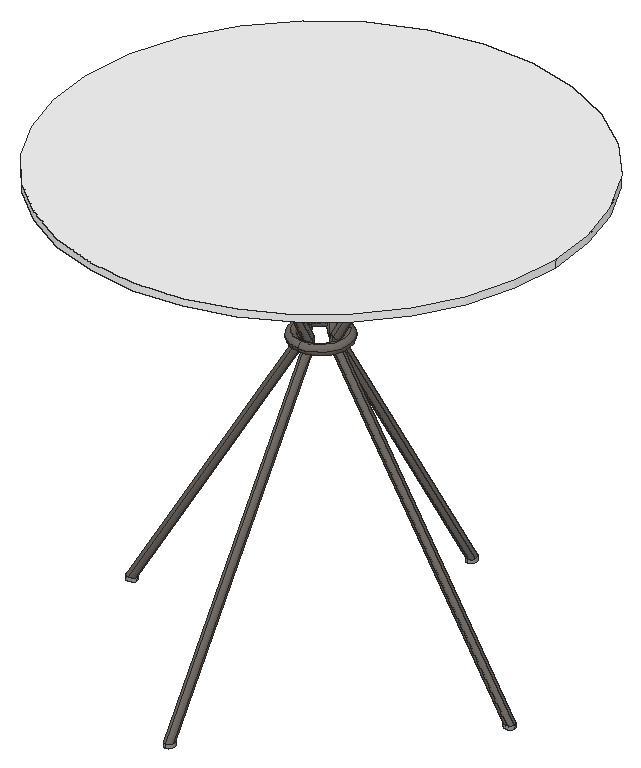
Revit family "FU_Table_Sandler_Corda 162-65", category Furniture, Revit 2020
Family settings
  OmniClass Number = 23.40.20.00
  OmniClass Title = General Furniture and Specialties
  Work Plane-Based = No
  Always vertical = Yes
  Cut with Voids When Loaded = No
  Shared = No
  Room Calculation Point = No
Parameters (values of type "Corda 162.75")
  Width = 800 mm
  URL = "https://www.sandlerseating.com/product/corda-table-162-75/"
  Model = "Corda 162.75"
  Manufacturer = "Sandler"
  Height = 740 mm
  HPL Top = HPL - Solid - White
  Frame Finish = Metal Lacquers - Burnished Brown
  Description = "Table with stratified laminate top on a powder coated steel base. Suitable for outdoor use. Diam. 32”"
  Depth = 800 mm
  Default Elevation = 0 mm
Reference planes
  plane 1 "Center (Front/Back)": y = 0
  plane 2: z = 0
  plane 3 "Center (Left/Right)": x = 0
  plane 4 "Right": x = -400
  plane 5 "Left": x = 400
  plane 6 "Back": y = 400
  plane 7 "Front": y = -400
  plane 8 "Height": z = 740
  plane 9 "Top Thickness": z = 728
  plane 10: through (-26.603, -1524, 492.488) normal (-0.8652, 0, -0.5014)
  plane 11: through (-26.865, -1524, 476.677) normal (0.848, 0, -0.5299)
  plane 12 "Center Loop Front": z = 484.8
Forms (mm)
  Extrusion 1, solid, material "HPL - Solid - White" <- "HPL Top"
    sketch origin (0, 0, 740) x (-1, 0, 0) y (0, -1, 0)
      loop
        circle (0, 0) r 400
    from 0 to -12
  Extrusion 2, solid, material "Metal Lacquers - Burnished Brown" <- "Frame Finish"
    sketch origin (0, 0, 728) x (-1, 0, 0) y (0, -1, 0)
      loop
        circle (0, 0) r 185
      loop
        circle (0, 0) r 135
    from 0 to -5
  Sweep 3, solid, material "Metal Lacquers - Burnished Brown" <- "Frame Finish"
    path origin (0, 0, 0) x (1, 0, 0) y (0, 0, 1)
      loop
        line (-167.432, 735.518) -> (-27.407, 493.877)
        arc (-27.407, 493.877) -> (-24.984, 484.552) -> (-27.717, 475.313) r 18
        line (-27.717, 475.313) -> (-331.978, -11.606)
    profile "Pro_Circles : 14mm" origin (-97.42, 0, 614.697) x (0.865229, 0, 0.501376) y (0, -1, 0)
      loop
        arc (-6.967, 0.067) -> (-4.994, -4.899) -> (-0.067, -6.967) r 6.901
        arc (-0.067, -6.967) -> (4.947, -4.947) -> (6.967, 0.067) r 6.902
        arc (6.967, 0.067) -> (4.899, 4.993) -> (-0.067, 6.967) r 6.901
        arc (-0.067, 6.967) -> (-4.946, 4.946) -> (-6.967, 0.067) r 6.9
  Sweep 4, solid, material "Metal Lacquers - Burnished Brown" <- "Frame Finish"
    path origin (0, 0, 0) x (-1, 0, 0) y (0, 0, 1)
      loop
        line (-167.432, 735.518) -> (-27.407, 493.877)
        arc (-27.407, 493.877) -> (-24.984, 484.552) -> (-27.717, 475.313) r 18
        line (-27.717, 475.313) -> (-331.978, -11.606)
    profile "Pro_Circles : 14mm" origin (97.42, 0, 614.697) x (0.865229, 0, -0.501376) y (0, -1, 0)
      loop
        arc (6.967, 0.067) -> (4.946, 4.946) -> (0.067, 6.967) r 6.9
        arc (0.067, 6.967) -> (-4.899, 4.993) -> (-6.967, 0.067) r 6.901
        arc (-6.967, 0.067) -> (-4.947, -4.947) -> (0.067, -6.967) r 6.902
        arc (0.067, -6.967) -> (4.994, -4.899) -> (6.967, 0.067) r 6.901
  Sweep 5, solid, material "Metal Lacquers - Burnished Brown" <- "Frame Finish"
    path origin (0, 0, 0) x (0, 1, 0) y (0, 0, 1)
      loop
        line (-167.432, 735.518) -> (-27.407, 493.877)
        arc (-27.407, 493.877) -> (-24.984, 484.552) -> (-27.717, 475.313) r 18
        line (-27.717, 475.313) -> (-331.978, -11.606)
    profile "Pro_Circles : 14mm" origin (0, -97.419, 614.697) x (0, 0.865229, 0.501376) y (1, 0, 0)
      loop
        arc (-6.967, 0.067) -> (-4.994, -4.899) -> (-0.067, -6.967) r 6.901
        arc (-0.067, -6.967) -> (4.947, -4.947) -> (6.967, 0.067) r 6.902
        arc (6.967, 0.067) -> (4.899, 4.993) -> (-0.067, 6.967) r 6.901
        arc (-0.067, 6.967) -> (-4.946, 4.946) -> (-6.967, 0.067) r 6.9
  Sweep 6, solid, material "Metal Lacquers - Burnished Brown" <- "Frame Finish"
    path origin (0, 0, 0) x (0, -1, 0) y (0, 0, -1)
      loop
        line (-167.432, -735.518) -> (-27.407, -493.877)
        arc (-27.407, -493.877) -> (-24.984, -484.552) -> (-27.717, -475.313) r 18
        line (-27.717, -475.313) -> (-331.978, 11.606)
    profile "Pro_Circles : 14mm" origin (0, 97.42, 614.697) x (0, 0.865229, -0.501376) y (1, 0, 0)
      loop
        arc (6.967, 0.067) -> (4.946, 4.946) -> (0.067, 6.967) r 6.9
        arc (0.067, 6.967) -> (-4.899, 4.993) -> (-6.967, 0.067) r 6.901
        arc (-6.967, 0.067) -> (-4.947, -4.947) -> (0.067, -6.967) r 6.902
        arc (0.067, -6.967) -> (4.994, -4.899) -> (6.967, 0.067) r 6.901
  Extrusion 7, void
    sketch origin (0, 0, 0) x (1, 0, 0) y (0, 1, 0)
      loop
        line (-347.032, 15) -> (-347.032, -15) -> (-304.786, -15) -> (-304.786, 15) -> (-347.032, 15)
    from 5 to -20
  Extrusion 8, void
    sketch origin (0, 0, 0) x (-1, 0, 0) y (0, -1, 0)
      loop
        line (-347.032, -15) -> (-304.786, -15) -> (-304.786, 15) -> (-347.032, 15) -> (-347.032, -15)
    from 5 to -20
  Extrusion 9, void
    sketch origin (0, 0, 0) x (0, 1, 0) y (-1, 0, 0)
      loop
        line (-347.032, 15) -> (-347.032, -15) -> (-304.786, -15) -> (-304.786, 15) -> (-347.032, 15)
    from 5 to -20
  Extrusion 10, void
    sketch origin (0, 0, 0) x (0, -1, 0) y (1, 0, 0)
      loop
        line (-347.032, -15) -> (-304.786, -15) -> (-304.786, 15) -> (-347.032, 15) -> (-347.032, -15)
    from 5 to -20
  Extrusion 11, void
    sketch origin (0, 0, 728) x (-1, 0, 0) y (0, -1, 0)
      loop
        line (182.402, -14.933) -> (182.402, 15.067) -> (146.547, 15.067) -> (146.547, -14.933) -> (182.402, -14.933)
    from 0 to 20
  Extrusion 12, void
    sketch origin (0, 0, 728) x (1, 0, 0) y (0, 1, 0)
      loop
        line (182.402, 14.933) -> (146.547, 14.933) -> (146.547, -15.067) -> (182.402, -15.067) -> (182.402, 14.933)
    from 0 to 20
  Extrusion 13, void
    sketch origin (-0.067, -0.067, 728) x (0, -1, 0) y (1, 0, 0)
      loop
        line (182.402, -14.933) -> (182.402, 15.067) -> (146.547, 15.067) -> (146.547, -14.933) -> (182.402, -14.933)
    from 0 to 20
  Extrusion 14, void
    sketch origin (-0.067, -0.067, 728) x (0, 1, 0) y (-1, 0, 0)
      loop
        line (182.402, 14.933) -> (146.547, 14.933) -> (146.547, -15.067) -> (182.402, -15.067) -> (182.402, 14.933)
    from 0 to 20
  Sweep 15, solid, material "Metal Lacquers - Burnished Brown" <- "Frame Finish"
    path origin (0, 0, 484.8) x (0, -1, 0) y (1, 0, 0)
      loop
        circle (0, 0) r 40
    profile "Pro_Circles : 15mm" origin (-40, 0, 484.8) x (-1, 0, 0) y (0, 0, 1)
      loop
        arc (-7.467, 0.067) -> (-5.347, -5.252) -> (-0.067, -7.467) r 7.401
        arc (-0.067, -7.467) -> (5.3, -5.301) -> (7.467, 0.067) r 7.402
        arc (7.467, 0.067) -> (5.252, 5.347) -> (-0.067, 7.467) r 7.401
        arc (-0.067, 7.467) -> (-5.299, 5.299) -> (-7.467, 0.067) r 7.4
  Extrusion 16, solid, material "Rubber, Black"
    sketch origin (0, 0, 0) x (1, 0, 0) y (0, 1, 0)
      loop
        spline (-330.565, -0.067) -> (-330.259, -2.008) -> (-329.36, -3.817) -> (-327.929, -5.37) -> (-326.065, -6.562) -> (-323.895, -7.311) -> (-321.565, -7.567) -> (-319.236, -7.311) -> (-317.065, -6.562) -> (-315.201, -5.37) -> (-313.771, -3.817) -> (-312.872, -2.008) -> (-312.565, -0.067)
        spline (-312.565, -0.067) -> (-312.872, 1.875) -> (-313.771, 3.683) -> (-315.201, 5.237) -> (-317.065, 6.429) -> (-319.236, 7.178) -> (-321.565, 7.433) -> (-323.895, 7.178) -> (-326.065, 6.429) -> (-327.929, 5.237) -> (-329.36, 3.683) -> (-330.259, 1.875) -> (-330.565, -0.067)
    from 0 to 5
  Extrusion 17, solid, material "Rubber, Black"
    sketch origin (0, 0, 0) x (-1, 0, 0) y (0, -1, 0)
      loop
        spline (-330.565, 0.067) -> (-330.259, -1.875) -> (-329.36, -3.683) -> (-327.929, -5.237) -> (-326.065, -6.429) -> (-323.895, -7.178) -> (-321.565, -7.433) -> (-319.236, -7.178) -> (-317.065, -6.429) -> (-315.201, -5.237) -> (-313.771, -3.683) -> (-312.872, -1.875) -> (-312.565, 0.067)
        spline (-312.565, 0.067) -> (-312.872, 2.008) -> (-313.771, 3.817) -> (-315.201, 5.37) -> (-317.065, 6.562) -> (-319.236, 7.311) -> (-321.565, 7.567) -> (-323.895, 7.311) -> (-326.065, 6.562) -> (-327.929, 5.37) -> (-329.36, 3.817) -> (-330.259, 2.008) -> (-330.565, 0.067)
    from 0 to 5
  Extrusion 18, solid, material "Rubber, Black"
    sketch origin (-0.067, -0.067, 0) x (0, 1, 0) y (-1, 0, 0)
      loop
        spline (-330.565, -0.067) -> (-330.259, -2.008) -> (-329.36, -3.817) -> (-327.929, -5.37) -> (-326.065, -6.562) -> (-323.895, -7.311) -> (-321.565, -7.567) -> (-319.236, -7.311) -> (-317.065, -6.562) -> (-315.201, -5.37) -> (-313.771, -3.817) -> (-312.872, -2.008) -> (-312.565, -0.067)
        spline (-312.565, -0.067) -> (-312.872, 1.875) -> (-313.771, 3.683) -> (-315.201, 5.237) -> (-317.065, 6.429) -> (-319.236, 7.178) -> (-321.565, 7.433) -> (-323.895, 7.178) -> (-326.065, 6.429) -> (-327.929, 5.237) -> (-329.36, 3.683) -> (-330.259, 1.875) -> (-330.565, -0.067)
    from 0 to 5
  Extrusion 19, solid, material "Rubber, Black"
    sketch origin (-0.067, -0.067, 0) x (0, -1, 0) y (1, 0, 0)
      loop
        spline (-330.565, 0.067) -> (-330.259, -1.875) -> (-329.36, -3.683) -> (-327.929, -5.237) -> (-326.065, -6.429) -> (-323.895, -7.178) -> (-321.565, -7.433) -> (-319.236, -7.178) -> (-317.065, -6.429) -> (-315.201, -5.237) -> (-313.771, -3.683) -> (-312.872, -1.875) -> (-312.565, 0.067)
        spline (-312.565, 0.067) -> (-312.872, 2.008) -> (-313.771, 3.817) -> (-315.201, 5.37) -> (-317.065, 6.562) -> (-319.236, 7.311) -> (-321.565, 7.567) -> (-323.895, 7.311) -> (-326.065, 6.562) -> (-327.929, 5.37) -> (-329.36, 3.817) -> (-330.259, 2.008) -> (-330.565, 0.067)
    from 0 to 5
Cuts and joins
  Extrusion 7, Extrusion 8, Extrusion 9, Extrusion 11, Extrusion 12, Extrusion 13 cuts Sweep 3
  Extrusion 8, Extrusion 10, Extrusion 12, Extrusion 14 cuts Sweep 4
  Extrusion 9, Extrusion 13 cuts Sweep 5
  Extrusion 10, Extrusion 14 cuts Sweep 6
  Extrusion 12, Extrusion 13, Extrusion 14 cuts Extrusion 2
Lines and regions (mm)
  reference lines
    curve 1: line (-329.816, -0.067, 0) -> (-313.315, -0.067, 0)
Dimensions and locks
  equal spacing: plane 4 "Right", plane 3 "Center (Left/Right)", plane 5 "Left"
  "Width": plane 4 "Right" to plane 5 "Left"
  equal spacing: plane 6 "Back", plane 1 "Center (Front/Back)", plane 7 "Front"
  "Depth": plane 6 "Back" to plane 7 "Front"
  "Height": plane 8 "Height" to level
  plane 9 "Top Thickness" to level = 728 mm
  aligned and locked: level to plane 2
Automatic sketch dimensions
  plane 1 "Center (Front/Back)" to Extrusion 1 sketch curve = 0 mm
  Extrusion 1 sketch curve to plane 3 "Center (Left/Right)" = 0 mm
  Extrusion 2 sketch curve to Extrusion 2 sketch curve = 0 mm  (x2)
  plane 1 "Center (Front/Back)" to Extrusion 2 sketch curve = 0 mm
  Extrusion 2 sketch curve to plane 3 "Center (Left/Right)" = 0 mm
  Sweep 3 sketch curve to plane 11 = 0 mm  (x2)
  plane 10 to Sweep 3 sketch curve = 0 mm  (x2)
  Sweep 3 sketch curve to plane 12 "Center Loop Front" = 0.052 mm
  plane 12 "Center Loop Front" to Sweep 3 sketch curve = 9.487 mm
  Sweep 3 sketch curve to plane 12 "Center Loop Front" = 9.076 mm
  Sweep 3 sketch curve to plane 8 "Height" = 4.482 mm
  Sweep 3 sketch curve to level = 11.606 mm
  plane 12 "Center Loop Front" to Sweep 4 sketch curve = 0.052 mm
  Sweep 4 sketch curve to plane 3 "Center (Left/Right)" = 42.982 mm
  Sweep 4 sketch curve to plane 12 "Center Loop Front" = 9.487 mm
  Sweep 4 sketch curve to Sweep 4 sketch curve = 15.265 mm
  plane 12 "Center Loop Front" to Sweep 4 sketch curve = 9.076 mm
  plane 8 "Height" to Sweep 4 sketch curve = 4.482 mm
  Sweep 4 sketch curve to plane 3 "Center (Left/Right)" = 167.432 mm
  level to Sweep 4 sketch curve = 11.606 mm
  Sweep 4 sketch curve to plane 5 "Left" = 68.022 mm
  Sweep 5 sketch curve to plane 12 "Center Loop Front" = 0.052 mm
  plane 1 "Center (Front/Back)" to Sweep 5 sketch curve = 42.981 mm
  plane 12 "Center Loop Front" to Sweep 5 sketch curve = 9.487 mm
  Sweep 5 sketch curve to Sweep 5 sketch curve = 15.265 mm
  Sweep 5 sketch curve to plane 12 "Center Loop Front" = 9.076 mm
  Sweep 5 sketch curve to plane 8 "Height" = 4.482 mm
  plane 1 "Center (Front/Back)" to Sweep 5 sketch curve = 167.432 mm
  Sweep 5 sketch curve to level = 11.606 mm
  plane 7 "Front" to Sweep 5 sketch curve = 68.022 mm
  Sweep 6 sketch curve to plane 12 "Center Loop Front" = 0.052 mm
  Sweep 6 sketch curve to plane 1 "Center (Front/Back)" = 42.982 mm
  plane 12 "Center Loop Front" to Sweep 6 sketch curve = 9.487 mm
  Sweep 6 sketch curve to Sweep 6 sketch curve = 15.265 mm
  Sweep 6 sketch curve to plane 12 "Center Loop Front" = 9.076 mm
  Sweep 6 sketch curve to plane 8 "Height" = 4.482 mm
  Sweep 6 sketch curve to plane 1 "Center (Front/Back)" = 167.432 mm
  Sweep 6 sketch curve to level = 11.606 mm
  Sweep 6 sketch curve to plane 6 "Back" = 68.022 mm
  plane 1 "Center (Front/Back)" to Extrusion 7 sketch curve = 15 mm
  Extrusion 7 sketch curve to plane 4 "Right" = 52.968 mm
  Extrusion 7 sketch curve to Extrusion 7 sketch curve = 42.246 mm
  Extrusion 7 sketch curve to plane 1 "Center (Front/Back)" = 15 mm
  Extrusion 8 sketch curve to plane 1 "Center (Front/Back)" = 15 mm
  Extrusion 8 sketch curve to plane 5 "Left" = 52.968 mm
  Extrusion 8 sketch curve to Extrusion 8 sketch curve = 42.246 mm
  plane 1 "Center (Front/Back)" to Extrusion 8 sketch curve = 15 mm
  plane 3 "Center (Left/Right)" to Extrusion 9 sketch curve = 15 mm
  plane 7 "Front" to Extrusion 9 sketch curve = 52.968 mm
  Extrusion 9 sketch curve to Extrusion 9 sketch curve = 42.246 mm
  Extrusion 9 sketch curve to plane 3 "Center (Left/Right)" = 15 mm
  plane 3 "Center (Left/Right)" to Extrusion 10 sketch curve = 15 mm
  Extrusion 10 sketch curve to plane 6 "Back" = 52.968 mm
  Extrusion 10 sketch curve to Extrusion 10 sketch curve = 42.246 mm
  Extrusion 10 sketch curve to plane 3 "Center (Left/Right)" = 15 mm
  Extrusion 11 sketch curve to plane 1 "Center (Front/Back)" = 14.933 mm
  Extrusion 11 sketch curve to plane 3 "Center (Left/Right)" = 146.547 mm
  plane 1 "Center (Front/Back)" to Extrusion 11 sketch curve = 15.067 mm
  Extrusion 11 sketch curve to Extrusion 11 sketch curve = 35.856 mm
  plane 1 "Center (Front/Back)" to Extrusion 12 sketch curve = 14.933 mm
  Extrusion 12 sketch curve to plane 3 "Center (Left/Right)" = 146.547 mm
  Extrusion 12 sketch curve to plane 1 "Center (Front/Back)" = 15.067 mm
  Extrusion 12 sketch curve to Extrusion 12 sketch curve = 35.856 mm
  Extrusion 13 sketch curve to plane 3 "Center (Left/Right)" = 15 mm
  plane 1 "Center (Front/Back)" to Extrusion 13 sketch curve = 146.613 mm
  plane 3 "Center (Left/Right)" to Extrusion 13 sketch curve = 15 mm
  Extrusion 13 sketch curve to Extrusion 13 sketch curve = 35.856 mm
  Extrusion 14 sketch curve to plane 3 "Center (Left/Right)" = 15 mm
  Extrusion 14 sketch curve to plane 1 "Center (Front/Back)" = 146.48 mm
  plane 3 "Center (Left/Right)" to Extrusion 14 sketch curve = 15 mm
  Extrusion 14 sketch curve to Extrusion 14 sketch curve = 35.856 mm
  plane 1 "Center (Front/Back)" to Sweep 15 sketch curve = 0 mm
  Sweep 15 sketch curve to plane 3 "Center (Left/Right)" = 0 mm
  plane 1 "Center (Front/Back)" to curve 1 = 0.067 mm
  curve 1 to plane 4 "Right" = 70.184 mm
  curve 1 to curve 1 = 16.501 mm
  plane 1 "Center (Front/Back)" to Extrusion 16 sketch curve = 0.067 mm
  Extrusion 16 sketch curve to plane 4 "Right" = 69.435 mm
  Extrusion 16 sketch curve to Extrusion 16 sketch curve = 9 mm
  Extrusion 17 sketch curve to plane 1 "Center (Front/Back)" = 0.067 mm
  Extrusion 17 sketch curve to plane 5 "Left" = 69.435 mm
  Extrusion 17 sketch curve to Extrusion 17 sketch curve = 9 mm
  Extrusion 18 sketch curve to plane 3 "Center (Left/Right)" = 0 mm
  plane 7 "Front" to Extrusion 18 sketch curve = 69.368 mm
  Extrusion 18 sketch curve to Extrusion 18 sketch curve = 9 mm
  Extrusion 19 sketch curve to plane 3 "Center (Left/Right)" = 0 mm
  Extrusion 19 sketch curve to plane 6 "Back" = 69.501 mm
  Extrusion 19 sketch curve to Extrusion 19 sketch curve = 9 mm
  radius of Extrusion 1 sketch curve = 400 mm
  radius of Extrusion 2 sketch curve = 185 mm
  radius of Extrusion 2 sketch curve = 135 mm
  radius of Sweep 15 sketch curve = 40 mm
